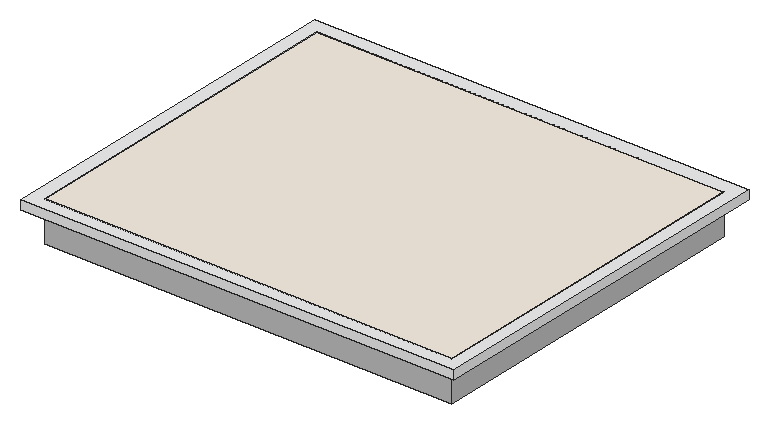
Revit family "Lighting-Industrial-GEWISS-ELIA-HL-LED_HIGHBAY", category Apparecchi per illuminazione, host Superficie, Revit 2019 (continued)
Types (12, lengths in mm): name | Weight (kg): | Weight (kg) | Voltage | Technical sheet | System power | Optic | built-in parameter 1150142 | Lumen output (lm) | Model | IDT | File diagramma fotometrico | Description
    5.40 \r\n4400.20 4239.20 4081.00 3925.60 3774.40 3628.80 3483.20 \r\n3340.40 3200.40 3063.20 2927.40 2797.62 2669.94 2545.62 \r\n2423.26 2305.52 2195.48 2089.08 1982.40 1878.24 1777.30 \r\n1678.60 1580.46 1485.12 1393.84 1306.76 1224.02 1145.76 \r\n1072.40 1003.10 937.30 875.00 816.48 760.76 707.28 656.18 \r\n607.32 560.42 515.76 472.78 430.22 389.48 351.68 315.98 \r\n282.38 250.88 221.75 194.63 169.27 145.60 123.31 102.66 \r\n83.69 66.56 51.24 38.23 28.15 20.48 15.09 11.57 9.41 8.79 \r\n8142.40 8142.40 8143.80 8143.80 8146.60 8148.00 8150.80 \r\n8153.60 8156.40 8159.20 8162.00 8167.60 8173.20 8177.40 \r\n8183.00 8190.00 8197.00 8204.00 8211.00 8219.40 8226.40 \r\n8234.80 8244.60 8253.00 8261.40 8269.80 8278.20 8286.60 \r\n8295.00 8303.40 8311.80 8321.60 8330.00 8339.80 8349.60 \r\n8359.40 8369.20 8379.00 8390.20 8398.60 8409.80 8421.00 \r\n8430.80 8442.00 8453.20 8463.00 8475.60 8486.80 8499.40 \r\n8510.60 8523.20 8535.80 8547.00 8558.20 8570.80 8582.00 \r\n8593.20 8603.00 8614.20 8622.60 8629.60 8638.00 8643.60 \r\n8649.20 8653.40 8654.80 8657.60 8657.60 8656.20 8654.80 \r\n8652.00 8647.80 8642.20 8635.20 8626.80 8615.60 8603.00 \r\n8587.60 8570.80 8551.20 8531.60 8507.80 8482.60 8456.00 \r\n8428.00 8398.60 8365.00 8330.00 8293.60 8253.00 8211.00 \r\n8164.80 8113.00 8059.80 7998.20 7926.80 7844.20 7754.60 \r\n7656.60 7548.80 7435.40 7319.20 7200.20 7077.00 6946.80 \r\n6806.80 6658.40 6501.60 6332.20 6154.40 5969.60 5783.40 \r\n5598.60 5416.60 5238.80 5062.40 4891.60 4727.80 4564.00 \r\n4401.60 4239.20 4081.00 3925.60 3775.80 3627.40 3483.20 \r\n3340.40 3200.40 3063.20 2928.80 2798.32 2670.36 2546.60 \r\n2425.64 2308.88 2198.84 2091.74 1984.50 1879.22 1778.14 \r\n1679.30 1581.02 1485.40 1394.40 1307.32 1224.58 1146.32 \r\n1072.96 1003.66 937.72 875.42 816.62 760.90 707.56 656.46 \r\n607.60 560.70 515.76 472.64 430.22 389.62 351.82 316.26 \r\n282.74 251.22 222.19 195.12 169.64 145.81 123.54 102.90 \r\n83.87 66.70 51.41 38.42 28.29 20.59 15.19 11.65 9.46 8.80 \r\n8142.40 8142.40 8143.80 8143.80 8146.60 8148.00 8149.40 \r\n8153.60 8156.40 8159.20 8163.40 8167.60 8173.20 8177.40 \r\n8184.40 8190.00 8197.00 8205.40 8212.40 8219.40 8229.20 \r\n8236.20 8244.60 8253.00 8261.40 8269.80 8278.20 8286.60 \r\n8295.00 8303.40 8313.20 8321.60 8331.40 8339.80 8349.60 \r\n8359.40 8369.20 8380.40 8390.20 8400.00 8409.80 8421.00 \r\n8432.20 8442.00 8453.20 8464.40 8477.00 8488.20 8500.80 \r\n8513.40 8526.00 8537.20 8549.80 8561.00 8572.20 8583.40 \r\n8594.60 8605.80 8615.60 8624.00 8632.40 8639.40 8645.00 \r\n8650.60 8654.80 8657.60 8657.60 8657.60 8657.60 8656.20 \r\n8653.40 8649.20 8643.60 8636.60 8628.20 8617.00 8604.40 \r\n8589.00 8570.80 8552.60 8531.60 8509.20 8484.00 8457.40 \r\n8429.40 8400.00 8366.40 8331.40 8295.00 8255.80 8213.80 \r\n8167.60 8115.80 8062.60 7999.60 7926.80 7845.60 7753.20 \r\n7655.20 7547.40 7434.00 7317.80 7198.80 7075.60 6946.80 \r\n6806.80 6658.40 6500.20 6332.20 6153.00 5968.20 5782.00 \r\n5595.80 5416.60 5238.80 5063.80 4891.60 4726.40 4564.00 \r\n4400.20 4239.20 4081.00 3927.00 3775.80 3628.80 3483.20 \r\n3340.40 3200.40 3063.20 2928.80 2797.62 2670.92 2547.44 \r\n2427.74 2311.96 2201.92 2094.54 1986.32 1880.20 1778.70 \r\n1679.58 1581.16 1485.54 1394.54 1307.74 1225.00 1146.74 \r\n1073.38 1004.08 938.00 875.56 816.76 760.90 707.70 656.88 \r\n607.74 560.84 515.76 472.50 430.22 389.76 352.10 316.54 \r\n282.95 251.51 222.57 195.55 169.96 145.98 123.72 103.12 \r\n84.06 66.82 51.56 38.61 28.45 20.70 15.28 11.73 9.51 8.81 \r\n8142.40 8142.40 8143.80 8145.20 8146.60 8146.60 8149.40 \r\n8152.20 8156.40 8159.20 8163.40 8167.60 8173.20 8177.40 \r\n8184.40 8191.40 8197.00 8205.40 8212.40 8220.80 8229.20 \r\n8237.60 8246.00 8254.40 8264.20 8272.60 8279.60 8288.00 \r\n8296.40 8306.20 8314.60 8323.00 8332.80 8339.80 8349.60 \r\n8359.40 8370.60 8380.40 8390.20 8401.40 8409.80 8421.00 \r\n8432.20 8443.40 8453.20 8464.40 8477.00 8491.00 8502.20 \r\n8514.80 8527.40 8540.00 8551.20 8563.80 8575.00 8586.20 \r\n8598.80 8608.60 8618.40 8625.40 8633.80 8642.20 8647.80 \r\n8653.40 8656.20 8657.60 8660.40 8660.40 8660.40 8657.60 \r\n8654.80 8652.00 8645.00 8636.60 8628.20 8618.40 8605.80 \r\n8589.00 8570.80 8552.60 8533.00 8509.20 8485.40 8457.40 \r\n8429.40 8401.40 8367.80 8332.80 8296.40 8257.20 8213.80 \r\n8169.00 8117.20 8064.00 8001.00 7926.80 7844.20 7754.60 \r\n7653.80 7546.00 7432.60 7315.00 7197.40 7074.20 6945.40 \r\n6806.80 6657.00 6500.20 6332.20 6151.60 5966.80 5780.60 \r\n5594.40 5413.80 5238.80 5063.80 4893.00 4726.40 4564.00 \r\n4401.60 4240.60 4081.00 3927.00 3775.80 3628.80 3483.20 \r\n3340.40 3200.40 3063.20 2930.20 2798.32 2671.34 2548.42 \r\n2429.84 2315.32 2205.00 2096.92 1987.72 1880.76 1778.98 \r\n1679.86 1581.16 1485.54 1394.54 1307.74 1225.14 1147.16 \r\n1073.80 1004.36 938.28 875.70 816.76 760.90 707.84 657.16 \r\n608.02 560.84 515.62 472.08 429.94 389.90 352.10 316.68 \r\n283.08 251.72 222.88 195.93 170.20 146.10 123.86 103.31 \r\n84.20 66.92 51.72 38.79 28.60 20.80 15.36 11.80 9.56 8.82 \r\n8142.40 8142.40 8143.80 8145.20 8146.60 8148.00 8149.40 \r\n8152.20 8156.40 8159.20 8163.40 8167.60 8173.20 8177.40 \r\n8184.40 8191.40 8197.00 8205.40 8213.80 8220.80 8229.20 \r\n8237.60 8246.00 8255.80 8264.20 8272.60 8281.00 8289.40 \r\n8297.80 8306.20 8314.60 8323.00 8332.80 8342.60 8349.60 \r\n8360.80 8370.60 8380.40 8390.20 8401.40 8411.20 8421.00 \r\n8432.20 8443.40 8454.60 8467.20 8478.40 8491.00 8503.60 \r\n8516.20 8527.40 8541.40 8554.00 8565.20 8576.40 8589.00 \r\n8600.20 8611.40 8619.80 8628.20 8635.20 8643.60 8649.20 \r\n8653.40 8656.20 8660.40 8660.40 8661.80 8660.40 8659.00 \r\n8656.20 8652.00 8646.40 8639.40 8629.60 8618.40 8604.40 \r\n8590.40 8572.20 8554.00 8534.40 8510.60 8484.00 8458.80 \r\n8430.80 8401.40 8369.20 8334.20 8297.80 8257.20 8215.20 \r\n8171.80 8120.00 8065.40 8002.40 7928.20 7845.60 7753.20 \r\n7652.40 7543.20 7429.80 7313.60 7196.00 7074.20 6945.40 \r\n6806.80 6657.00 6498.80 6330.80 6150.20 5965.40 5777.80 \r\n5594.40 5413.80 5238.80 5063.80 4893.00 4727.80 4564.00 \r\n4401.60 4240.60 4082.40 3927.00 3775.80 3627.40 3483.20 \r\n3341.80 3201.80 3064.60 2930.20 2798.46 2671.76 2549.26 \r\n2431.80 2318.12 2207.80 2099.02 1989.12 1881.18 1778.98 \r\n1679.86 1581.02 1485.12 1394.26 1307.60 1225.14 1147.02 \r\n1073.66 1004.50 938.28 875.70 816.62 760.76 707.84 657.30 \r\n608.16 560.84 515.34 471.80 429.80 389.76 352.10 316.68 \r\n283.22 251.86 223.13 196.25 170.39 146.16 123.96 103.45 \r\n84.31 67.00 51.84 38.99 28.75 20.90 15.44 11.87 9.59 8.82 \r\n8142.40 8142.40 8143.80 8145.20 8146.60 8148.00 8149.40 \r\n8152.20 8156.40 8159.20 8163.40 8167.60 8173.20 8178.80 \r\n8184.40 8191.40 8197.00 8205.40 8213.80 8222.20 8229.20 \r\n8237.60 8247.40 8255.80 8264.20 8272.60 8281.00 8289.40 \r\n8299.20 8306.20 8314.60 8324.40 8332.80 8342.60 8351.00 \r\n8360.80 8370.60 8380.40 8390.20 8401.40 8411.20 8421.00 \r\n8432.20 8443.40 8454.60 8467.20 8478.40 8492.40 8505.00 \r\n8517.60 8530.20 8542.80 8555.40 8568.00 8579.20 8591.80 \r\n8603.00 8612.80 8621.20 8629.60 8638.00 8645.00 8649.20 \r\n8654.80 8659.00 8660.40 8663.20 8663.20 8663.20 8660.40 \r\n8657.60 8654.80 8647.80 8639.40 8629.60 8619.80 8605.80 \r\n8590.40 8572.20 8554.00 8533.00 8510.60 8485.40 8458.80 \r\n8430.80 8401.40 8370.60 8335.60 8299.20 8260.00 8218.00 \r\n8171.80 8122.80 8068.20 8003.80 7929.60 7844.20 7751.80 \r\n7651.00 7541.80 7428.40 7313.60 7194.60 7072.80 6944.00 \r\n6805.40 6655.60 6497.40 6328.00 6150.20 5964.00 5777.80 \r\n5591.60 5413.80 5238.80 5065.20 4894.40 4727.80 4562.60 \r\n4401.60 4240.60 4082.40 3928.40 3775.80 3627.40 3483.20 \r\n3341.80 3201.80 3064.60 2930.20 2798.60 2671.90 2549.82 \r\n2433.48 2320.64 2210.18 2100.84 1989.82 1881.18 1778.84 \r\n1679.44 1580.32 1484.42 1393.70 1307.32 1224.86 1146.74 \r\n1073.52 1004.36 938.28 875.56 816.34 760.34 707.70 657.30 \r\n608.16 560.70 515.06 471.38 429.52 389.62 352.10 316.68 \r\n283.08 251.90 223.29 196.46 170.51 146.17 124.00 103.56 \r\n84.39 67.05 51.95 39.16 28.91 20.99 15.51 11.92 9.62 8.83 \r\n8142.40 8142.40 8143.80 8145.20 8146.60 8148.00 8149.40 \r\n8152.20 8155.00 8159.20 8163.40 8167.60 8173.20 8178.80 \r\n8185.80 8191.40 8198.40 8205.40 8213.80 8222.20 8230.60 \r\n8240.40 8248.80 8257.20 8265.60 8275.40 8282.40 8290.80 \r\n8299.20 8307.60 8316.00 8325.80 8332.80 8342.60 8351.00 \r\n8360.80 8370.60 8380.40 8390.20 8401.40 8412.60 8421.00 \r\n8433.60 8443.40 8454.60 8468.60 8479.80 8492.40 8505.00 \r\n8519.00 8531.60 8544.20 8556.80 8569.40 8580.60 8593.20 \r\n8604.40 8614.20 8624.00 8631.00 8639.40 8645.00 8652.00 \r\n8656.20 8659.00 8663.20 8664.60 8664.60 8664.60 8661.80 \r\n8659.00 8654.80 8647.80 8640.80 8631.00 8619.80 8605.80 \r\n8590.40 8573.60 8554.00 8533.00 8509.20 8485.40 8460.20 \r\n8432.20 8401.40 8370.60 8337.00 8299.20 8261.40 8219.40 \r\n8174.60 8124.20 8069.60 8005.20 7931.00 7845.60 7750.40 \r\n7649.60 7540.40 7427.00 7312.20 7194.60 7072.80 6945.40 \r\n6804.00 6655.60 6496.00 6328.00 6147.40 5962.60 5776.40 \r\n5591.60 5413.80 5238.80 5065.20 4895.80 4727.80 4564.00 \r\n4401.60 4240.60 4083.80 3928.40 3775.80 3627.40 3481.80 \r\n3341.80 3201.80 3064.60 2931.60 2798.88 2672.18 2550.52 \r\n2434.88 2322.74 2211.86 2101.96 1990.24 1881.04 1778.14 \r\n1678.60 1579.48 1483.58 1393.00 1306.62 1224.30 1146.32 \r\n1073.10 1003.94 937.86 875.28 815.92 759.92 707.42 657.30 \r\n608.02 560.42 514.64 470.82 429.10 389.34 351.96 316.54 \r\n283.08 251.86 223.34 196.57 170.55 146.10 123.98 103.61 \r\n84.43 67.09 52.05 39.33 29.04 21.08 15.57 11.96 9.64 8.83 \r\n8142.40 8142.40 8143.80 8145.20 8146.60 8148.00 8149.40 \r\n8152.20 8155.00 8159.20 8163.40 8167.60 8173.20 8178.80 \r\n8185.80 8191.40 8199.80 8206.80 8215.20 8223.60 8232.00 \r\n8240.40 8248.80 8257.20 8267.00 8275.40 8283.80 8292.20 \r\n8300.60 8309.00 8317.40 8325.80 8334.20 8342.60 8351.00 \r\n8360.80 8370.60 8380.40 8391.60 8401.40 8412.60 8422.40 \r\n8433.60 8444.80 8457.40 8468.60 8479.80 8493.80 8506.40 \r\n8520.40 8534.40 8547.00 8558.20 8572.20 8583.40 8596.00 \r\n8605.80 8617.00 8625.40 8633.80 8640.80 8647.80 8653.40 \r\n8657.60 8660.40 8663.20 8664.60 8666.00 8664.60 8663.20 \r\n8660.40 8654.80 8650.60 8640.80 8631.00 8619.80 8607.20 \r\n8590.40 8573.60 8554.00 8534.40 8510.60 8485.40 8460.20 \r\n8432.20 8402.80 8372.00 8337.00 8300.60 8262.80 8219.40 \r\n8176.00 8128.40 8071.00 8006.60 7931.00 7847.00 7751.80 \r\n7648.20 7539.00 7425.60 7310.80 7191.80 7071.40 6944.00 \r\n6804.00 6654.20 6494.60 6326.60 6147.40 5962.60 5775.00 \r\n5588.80 5411.00 5238.80 5065.20 4894.40 4727.80 4564.00 \r\n4401.60 4242.00 4083.80 3929.80 3775.80 3627.40 3481.80 \r\n3340.40 3201.80 3064.60 2931.60 2798.60 2672.60 2550.94 \r\n2435.86 2324.28 2213.12 2102.66 1990.24 1880.20 1777.16 \r\n1677.62 1578.36 1482.32 1391.88 1305.64 1223.32 1145.62 \r\n1072.54 1003.38 937.16 874.58 815.36 759.36 707.00 657.02 \r\n607.74 560.14 514.08 470.26 428.68 389.06 351.68 316.40 \r\n282.94 251.72 223.27 196.59 170.48 145.96 123.91 103.61 \r\n84.43 67.09 52.12 39.45 29.15 21.16 15.63 11.99 9.66 8.83 \r\n8142.40 8142.40 8143.80 8145.20 8145.20 8148.00 8149.40 \r\n8152.20 8155.00 8159.20 8163.40 8169.00 8173.20 8180.20 \r\n8185.80 8191.40 8199.80 8206.80 8215.20 8223.60 8232.00 \r\n8240.40 8248.80 8258.60 8267.00 8275.40 8283.80 8292.20 \r\n8300.60 8309.00 8317.40 8325.80 8334.20 8344.00 8351.00 \r\n8360.80 8370.60 8380.40 8390.20 8400.00 8411.20 8422.40 \r\n8433.60 8444.80 8456.00 8468.60 8481.20 8495.20 8507.80 \r\n8521.80 8534.40 8547.00 8561.00 8572.20 8584.80 8596.00 \r\n8607.20 8617.00 8626.80 8633.80 8642.20 8647.80 8653.40 \r\n8657.60 8661.80 8663.20 8666.00 8667.40 8664.60 8663.20 \r\n8660.40 8654.80 8649.20 8640.80 8631.00 8619.80 8605.80 \r\n8590.40 8573.60 8554.00 8533.00 8510.60 8484.00 8458.80 \r\n8432.20 8402.80 8372.00 8337.00 8300.60 8262.80 8220.80 \r\n8177.40 8129.80 8072.40 8008.00 7932.40 7848.40 7753.20 \r\n7649.60 7539.00 7425.60 7309.40 7191.80 7070.00 6942.60 \r\n6802.60 6652.80 6493.20 6325.20 6146.00 5962.60 5776.40 \r\n5590.20 5412.40 5238.80 5066.60 4897.20 4729.20 4565.40 \r\n4401.60 4242.00 4086.60 3931.20 3778.60 3628.80 3484.60 \r\n3341.80 3203.20 3067.40 2931.60 2800.56 2673.58 2551.08 \r\n2434.74 2321.90 2210.04 2099.30 1986.88 1876.98 1773.94 \r\n1674.40 1575.28 1479.24 1388.66 1302.56 1220.52 1142.96 \r\n1070.02 1001.00 935.20 872.62 813.54 757.68 705.60 655.62 \r\n606.48 559.02 513.24 469.42 427.70 387.94 350.84 315.84 \r\n282.38 250.91 222.46 195.80 169.79 145.40 123.45 103.28 \r\n84.17 66.91 52.04 39.45 29.20 21.22 15.65 11.96 9.63 8.82 \r\n8142.40 8142.40 8143.80 8145.20 8145.20 8148.00 8149.40 \r\n8152.20 8155.00 8159.20 8163.40 8169.00 8173.20 8180.20 \r\n8185.80 8191.40 8199.80 8208.20 8215.20 8223.60 8232.00 \r\n8241.80 8251.60 8260.00 8268.40 8275.40 8283.80 8293.60 \r\n8302.00 8309.00 8317.40 8325.80 8334.20 8344.00 8351.00 \r\n8360.80 8369.20 8380.40 8390.20 8400.00 8411.20 8422.40 \r\n8433.60 8444.80 8456.00 8468.60 8481.20 8495.20 8507.80 \r\n8523.20 8535.80 8549.80 8561.00 8575.00 8586.20 8598.80 \r\n8610.00 8619.80 8628.20 8636.60 8642.20 8649.20 8654.80 \r\n8659.00 8661.80 8666.00 8666.00 8667.40 8666.00 8663.20 \r\n8660.40 8654.80 8649.20 8640.80 8629.60 8617.00 8605.80 \r\n8589.00 8570.80 8552.60 8533.00 8509.20 8484.00 8458.80 \r\n8430.80 8401.40 8370.60 8337.00 8300.60 8262.80 8223.60 \r\n8180.20 8129.80 8073.80 8009.40 7933.80 7849.80 7754.60 \r\n7651.00 7539.00 7422.80 7308.00 7190.40 7070.00 6941.20 \r\n6799.80 6650.00 6490.40 6322.40 6146.00 5964.00 5777.80 \r\n5591.60 5413.80 5238.80 5066.60 4898.60 4730.60 4566.80 \r\n4404.40 4243.40 4086.60 3931.20 3778.60 3630.20 3484.60 \r\n3343.20 3203.20 3067.40 2933.00 2801.40 2674.42 2550.94 \r\n2433.20 2318.82 2206.40 2095.24 1982.96 1873.34 1770.44 \r\n1670.90 1571.78 1476.02 1385.30 1299.06 1217.44 1140.16 \r\n1067.36 998.48 932.68 870.38 811.58 756.00 703.78 654.08 \r\n605.08 557.76 512.12 468.44 426.58 386.96 350.14 315.28 \r\n281.68 250.03 221.54 194.94 169.02 144.76 122.95 102.89 \r\n83.89 66.70 51.94 39.44 29.24 21.28 15.66 11.93 9.59 8.80 \r\n8142.40 8142.40 8142.40 8145.20 8145.20 8148.00 8149.40 \r\n8152.20 8155.00 8159.20 8163.40 8169.00 8174.60 8180.20 \r\n8185.80 8192.80 8199.80 8208.20 8216.60 8225.00 8233.40 \r\n8243.20 8251.60 8260.00 8268.40 8276.80 8286.60 8295.00 \r\n8303.40 8310.40 8317.40 8325.80 8335.60 8344.00 8352.40 \r\n8362.20 8370.60 8380.40 8390.20 8401.40 8411.20 8422.40 \r\n8432.20 8444.80 8456.00 8470.00 8481.20 8495.20 8509.20 \r\n8523.20 8537.20 8549.80 8563.80 8575.00 8587.60 8598.80 \r\n8610.00 8619.80 8628.20 8636.60 8643.60 8650.60 8654.80 \r\n8659.00 8663.20 8666.00 8667.40 8667.40 8666.00 8663.20 \r\n8660.40 8654.80 8647.80 8639.40 8629.60 8617.00 8603.00 \r\n8589.00 8570.80 8552.60 8530.20 8509.20 8484.00 8457.40 \r\n8429.40 8401.40 8369.20 8335.60 8300.60 8264.20 8223.60 \r\n8180.20 8131.20 8075.20 8010.80 7935.20 7851.20 7757.40 \r\n7652.40 7540.40 7424.20 7308.00 7190.40 7068.60 6941.20 \r\n6799.80 6648.60 6487.60 6321.00 6144.60 5965.40 5779.20 \r\n5593.00 5415.20 5240.20 5068.00 4897.20 4730.60 4566.80 \r\n4404.40 4244.80 4088.00 3934.00 3781.40 3631.60 3486.00 \r\n3344.60 3203.20 3067.40 2933.00 2804.20 2675.40 2550.94 \r\n2431.38 2315.32 2202.34 2091.04 1978.90 1869.56 1766.66 \r\n1667.26 1568.42 1472.52 1381.94 1295.70 1214.22 1137.22 \r\n1064.56 995.82 930.30 868.28 809.62 754.18 702.10 652.40 \r\n603.54 556.50 511.14 467.60 425.60 385.84 349.30 314.72 \r\n280.84 249.09 220.57 194.00 168.21 144.10 122.42 102.48 \r\n83.58 66.49 51.83 39.40 29.26 21.33 15.67 11.88 9.54 8.79 \r\n8142.40 8142.40 8142.40 8145.20 8145.20 8148.00 8149.40 \r\n8152.20 8155.00 8159.20 8163.40 8169.00 8173.20 8180.20 \r\n8185.80 8192.80 8199.80 8208.20 8216.60 8225.00 8233.40 \r\n8243.20 8251.60 8260.00 8268.40 8278.20 8286.60 8295.00 \r\n8303.40 8311.80 8318.80 8327.20 8335.60 8344.00 8352.40 \r\n8362.20 8370.60 8380.40 8390.20 8401.40 8409.80 8421.00 \r\n8432.20 8443.40 8457.40 8468.60 8482.60 8496.60 8509.20 \r\n8523.20 8538.60 8552.60 8563.80 8577.80 8589.00 8600.20 \r\n8611.40 8621.20 8629.60 8638.00 8645.00 8652.00 8656.20 \r\n8660.40 8663.20 8666.00 8667.40 8667.40 8666.00 8663.20 \r\n8660.40 8654.80 8647.80 8639.40 8626.80 8615.60 8603.00 \r\n8586.20 8569.40 8549.80 8530.20 8506.40 8482.60 8457.40 \r\n8429.40 8400.00 8369.20 8335.60 8300.60 8264.20 8223.60 \r\n8181.60 8134.00 8076.60 8012.20 7936.60 7852.60 7757.40 \r\n7653.80 7541.80 7424.20 7308.00 7189.00 7068.60 6938.40 \r\n6797.00 6644.40 6486.20 6319.60 6144.60 5966.80 5780.60 \r\n5595.80 5416.60 5240.20 5068.00 4898.60 4732.00 4568.20 \r\n4
